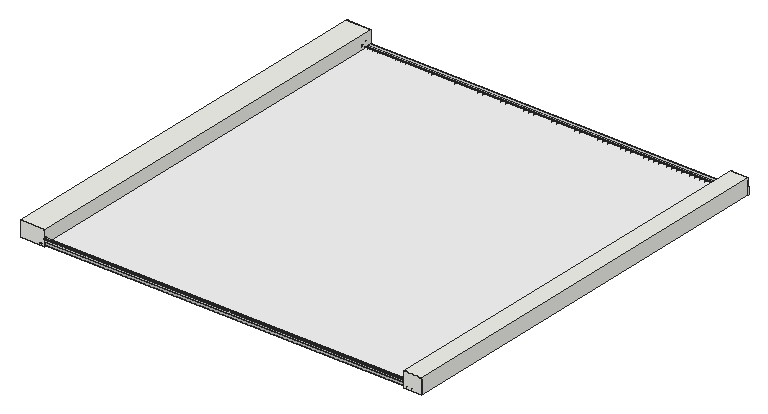
Revit family "DSI-H_3HR_Horizontal_Curtain_Floor", category Specialty Equipment, Revit 2023
Family settings
  Round Connector Dimension = Use Diameter
  Part Type = Normal
  OmniClass Number = 23.30.60.17
  OmniClass Title = Fire and Smoke Shutters and Curtains
  Work Plane-Based = No
  Enable Cutting in Views = No
  Always vertical = Yes
  Cut with Voids When Loaded = No
  Maintain Annotation Orientation = No
  Shared = No
  Room Calculation Point = No
Parameters
  Type Comments = ""
  Specifications = "https://www.arcat.com/company/door-systems-50183/spec"
  Product Information = "https://www.arcat.com/arcatcos/cos50/arc50183.html"
  Manufacturer Address = "1150 S. Las Brisas Placentia, CA 92870"
  Keynote = ""
  Height (TBH) Tail end Box [instance] = 0' - 11 3/4"
  Description = ""
  Default Elevation = 0' - 0"
  Cost = 0
  Copyright = "Arcat, Inc."
  Curtain Width [instance] = 25' - 3"
  URL = "https://www.doorsysinc.com/smoke-and-fire-curtains/"
  Width (TBW) Tail end Box [instance] = 1' - 1 3/4"
  Stainless Steel = Stainless Steel
  Schematic Floor = no
  Power Supply = "SINGLE PHASE, 230V,13A,50Hz"
  Open Fire Curtain = yes
  Motor = "INTERNAL, ELECTRIC, TUBULER GEARED CONSTANT SPEED MOTOR"
  Model = "DSI-H 3HR Horizontal Curtain Floor"
  Manufacturer = "Door Systems"
  Width (HBW) Head Box [instance] = 1' - 6 1/2"
  Height (HBH) Head Box [instance] = 0' - 11 3/4"
  Guide Rail = "2 mm THK GALVANIZED STEEL GUIDE RAIL"
  Galvanized Stell = Galvanized Steel
  End Plate = "3mmTHK GALVANISED STEEL END PLATES AND BRACKETS"
  Curtain Fabric = "MANUFACTURED FROM STAINLESS STEEL, WIRE REINFORCED,\r\nWOVEN GLASS FIBRE, FABRIC COATED ON EACH SIDE\r\nWITH SILVER POLYURETHANE  VWG 690"
  Curtain Box = "1.2mmTHK GALVANISED STEEL"
  Curtain = Curtain
  Curtain Length [instance] = 23' - 0"
  Bottom Bar = "2mm THK  GALVANIZED STEEL  BOTTOM BAR"
  Assembly Code = ""
Reference planes (in)
  plane 1 "Center (Front/Back)": y = 0
  plane 2: z = 0
  plane 3 "Center (Left/Right)": x = 0
  plane 4: y = 48
  plane 5: y = -265.62376
  plane 6: x = -48
  plane 7: x = 260.25
  plane 8: x = -29.5
  plane 9: x = 246.5
  plane 10: y = 43.47244
  plane 11: y = -261.0962
  plane 12: z = 0
  plane 13: z = 11.75
  plane 14: z = 8.30906
  plane 15: x = -34.22047
  plane 16: x = 252.40133
  plane 17: z = 10.90207
  plane 18: y = 47.2126
  plane 19: y = -264.84251
  plane 20: y = -265.57689
  plane 21: y = 47.95312
  plane 22: z = 9.7997
  plane 23: z = 9.75283
  plane 24: x = -32.25591
  plane 25: x = 249.25591
  plane 26: z = 6.95124
  plane 27: z = 1.94882
  plane 28: z = 1.90194
  plane 29: z = 11.75
  plane 30: y = -260.31495
  plane 31: y = 42.68505
Forms (in)
  Extrusion 1, solid, material "Metal, Paint Finish, White, Matte"
    sketch origin (0, 0, 0) x (1, 0, 0) y (0, 0, 1)
      loop
        line (-29.5, 11.75) -> (-48, 11.75) -> (-48, 0) -> (-29.5, 0) -> (-29.5, 11.75)
    from -47.95312 to 265.57689
  Extrusion 2, solid, material "Metal, Paint Finish, White, Matte"
    sketch origin (0, 0, 0) x (1, 0, 0) y (0, 0, 1)
      loop
        line (246.49582, 11.75) -> (246.49582, 0) -> (260.24582, 0) -> (260.24582, 11.75) -> (246.49582, 11.75)
    from -47.95312 to 265.57689
  Extrusion 3, solid, material "Metal, Paint Finish, White, Matte"
    sketch origin (0, -119.95313, 0) x (1, 0, 0) y (0, 0, 1)
      loop
        line (-48, 11.65551) -> (-48, 0) -> (-29.5, 0) -> (-29.5, 11.75) -> (-47.90551, 11.75)
        arc (-47.90551, 11.75) -> (-47.97233, 11.72233) -> (-48, 11.65551) r 0.09449
    from 145.62376 to 145.67064
  Extrusion 4, solid, material "Metal, Paint Finish, White, Matte"
    sketch origin (0, -36, 0) x (1, 0, 0) y (0, 0, 1)
      loop
        line (-48, 11.65551) -> (-48, 0) -> (-29.5, 0) -> (-29.5, 11.75) -> (-47.90551, 11.75)
        arc (-47.90551, 11.75) -> (-47.97233, 11.72233) -> (-48, 11.65551) r 0.09449
    from -84 to -83.95312
  Extrusion 5, solid, material "Metal, Paint Finish, White, Matte"
    sketch origin (0, -35.95313, 0) x (1, 0, 0) y (0, 0, 1)
      loop
        line (246.49582, 0) -> (260.24582, 0) -> (260.24582, 11.65551)
        arc (260.24582, 11.65551) -> (260.21814, 11.72233) -> (260.15133, 11.75) r 0.09449
        line (260.15133, 11.75) -> (246.49582, 11.75) -> (246.49582, 0)
    from 229.62376 to 229.67064
  Extrusion 6, solid, material "Metal, Paint Finish, White, Matte"
    sketch origin (0, 48, 0) x (1, 0, 0) y (0, 0, 1)
      loop
        line (246.49582, 0) -> (260.24582, 0) -> (260.24582, 11.65551)
        arc (260.24582, 11.65551) -> (260.21814, 11.72233) -> (260.15133, 11.75) r 0.09449
        line (260.15133, 11.75) -> (246.49582, 11.75) -> (246.49582, 0)
    from 0 to 0.04688
  Extrusion 7, solid, material "Schematic Floor", visible <- "Schematic Floor"
    sketch origin (0, 0, -5.90551) x (1, 0, 0) y (0, 1, 0)
      loop
        line (-32.25591, -265.57689) -> (249.25591, -265.57689) -> (249.25591, 48) -> (-32.25591, 48) -> (-32.25591, -265.57689)
      loop
        line (284.24582, 72) -> (-72, 72) -> (-72, -289.57689) -> (284.24582, -289.57689) -> (284.24582, 72)
    from 0 to 5.90551
  Extrusion 8, solid, material "Galvanized Steel"
    sketch origin (0, 1.56963, -6.86368) x (0, 1, 0) y (0, 0, 1)
      loop
        line (-261.88458, 8.93061) -> (-261.88458, 9.48179)
        arc (-261.88458, 9.48179) -> (-261.91918, 9.56531) -> (-262.00269, 9.5999) r 0.11811
        line (-262.00269, 9.5999) -> (-266.29403, 9.5999)
        arc (-266.29403, 9.5999) -> (-266.37755, 9.56531) -> (-266.41214, 9.48179) r 0.11811
        line (-266.41214, 9.48179) -> (-266.41214, 7.74951)
        arc (-266.41214, 7.74951) -> (-266.37755, 7.66599) -> (-266.29403, 7.6314) r 0.11811
        line (-266.29403, 7.6314) -> (-262.00269, 7.6314)
        arc (-262.00269, 7.6314) -> (-261.91918, 7.66599) -> (-261.88458, 7.74951) r 0.11811
        line (-261.88458, 7.74951) -> (-261.88458, 8.30069)
        arc (-261.88458, 8.30069) -> (-261.91918, 8.38421) -> (-262.00269, 8.4188) r 0.11811
        line (-262.00269, 8.4188) -> (-263.14443, 8.4188)
        arc (-263.14443, 8.4188) -> (-263.22794, 8.38421) -> (-263.26254, 8.30069) r 0.11811
        line (-263.26254, 8.30069) -> (-263.26254, 7.74951) -> (-263.1838, 7.74951) -> (-263.1838, 8.30069)
        arc (-263.1838, 8.30069) -> (-263.17227, 8.32853) -> (-263.14443, 8.34006) r 0.03937
        line (-263.14443, 8.34006) -> (-262.00269, 8.34006)
        arc (-262.00269, 8.34006) -> (-261.97486, 8.32853) -> (-261.96332, 8.30069) r 0.03937
        line (-261.96332, 8.30069) -> (-261.96332, 7.74951)
        arc (-261.96332, 7.74951) -> (-261.97486, 7.72167) -> (-262.00269, 7.71014) r 0.03937
        line (-262.00269, 7.71014) -> (-266.29403, 7.71014)
        arc (-266.29403, 7.71014) -> (-266.32187, 7.72167) -> (-266.3334, 7.74951) r 0.03937
        line (-266.3334, 7.74951) -> (-266.3334, 9.48179)
        arc (-266.3334, 9.48179) -> (-266.32187, 9.50963) -> (-266.29403, 9.52116) r 0.03937
        line (-266.29403, 9.52116) -> (-262.00269, 9.52116)
        arc (-262.00269, 9.52116) -> (-261.97486, 9.50963) -> (-261.96332, 9.48179) r 0.03937
        line (-261.96332, 9.48179) -> (-261.96332, 8.93061)
        arc (-261.96332, 8.93061) -> (-261.97486, 8.90277) -> (-262.00269, 8.89124) r 0.03937
        line (-262.00269, 8.89124) -> (-263.14443, 8.89124)
        arc (-263.14443, 8.89124) -> (-263.17227, 8.90277) -> (-263.1838, 8.93061) r 0.03937
        line (-263.1838, 8.93061) -> (-263.1838, 9.49557) -> (-263.26254, 9.49557) -> (-263.26254, 8.93061)
        arc (-263.26254, 8.93061) -> (-263.22794, 8.84709) -> (-263.14443, 8.8125) r 0.11811
        line (-263.14443, 8.8125) -> (-262.00269, 8.8125)
        arc (-262.00269, 8.8125) -> (-261.91918, 8.84709) -> (-261.88458, 8.93061) r 0.11811
    from -34.22047 to 252.40133
  Extrusion 9, solid, material "Galvanized Steel"
    sketch origin (0, 0, -8.22835) x (0, 1, 0) y (0, 0, 1)
      loop
        line (44.063, 10.86024) -> (43.98426, 10.86024) -> (43.98426, 10.29528)
        arc (43.98426, 10.29528) -> (43.97273, 10.26744) -> (43.94489, 10.25591) r 0.03937
        line (43.94489, 10.25591) -> (42.80316, 10.25591)
        arc (42.80316, 10.25591) -> (42.77532, 10.26744) -> (42.76379, 10.29528) r 0.03937
        line (42.76379, 10.29528) -> (42.76379, 10.84646)
        arc (42.76379, 10.84646) -> (42.77532, 10.8743) -> (42.80316, 10.88583) r 0.03937
        line (42.80316, 10.88583) -> (47.09449, 10.88583)
        arc (47.09449, 10.88583) -> (47.12233, 10.8743) -> (47.13386, 10.84646) r 0.03937
        line (47.13386, 10.84646) -> (47.13386, 9.11417)
        arc (47.13386, 9.11417) -> (47.12233, 9.08633) -> (47.09449, 9.0748) r 0.03937
        line (47.09449, 9.0748) -> (42.80316, 9.0748)
        arc (42.80316, 9.0748) -> (42.77532, 9.08633) -> (42.76379, 9.11417) r 0.03937
        line (42.76379, 9.11417) -> (42.76379, 9.66535)
        arc (42.76379, 9.66535) -> (42.77532, 9.69319) -> (42.80316, 9.70472) r 0.03937
        line (42.80316, 9.70472) -> (43.94489, 9.70472)
        arc (43.94489, 9.70472) -> (43.97273, 9.69319) -> (43.98426, 9.66535) r 0.03937
        line (43.98426, 9.66535) -> (43.98426, 9.11417) -> (44.063, 9.11417) -> (44.063, 9.66535)
        arc (44.063, 9.66535) -> (44.0284, 9.74887) -> (43.94489, 9.78346) r 0.11811
        line (43.94489, 9.78346) -> (42.80316, 9.78346)
        arc (42.80316, 9.78346) -> (42.71964, 9.74887) -> (42.68505, 9.66535) r 0.11811
        line (42.68505, 9.66535) -> (42.68505, 9.11417)
        arc (42.68505, 9.11417) -> (42.71964, 9.03066) -> (42.80316, 8.99606) r 0.11811
        line (42.80316, 8.99606) -> (47.09449, 8.99606)
        arc (47.09449, 8.99606) -> (47.17801, 9.03066) -> (47.2126, 9.11417) r 0.11811
        line (47.2126, 9.11417) -> (47.2126, 10.84646)
        arc (47.2126, 10.84646) -> (47.17801, 10.92997) -> (47.09449, 10.96457) r 0.11811
        line (47.09449, 10.96457) -> (42.80316, 10.96457)
        arc (42.80316, 10.96457) -> (42.71964, 10.92997) -> (42.68505, 10.84646) r 0.11811
        line (42.68505, 10.84646) -> (42.68505, 10.29528)
        arc (42.68505, 10.29528) -> (42.71964, 10.21176) -> (42.80316, 10.17717) r 0.11811
        line (42.80316, 10.17717) -> (43.94489, 10.17717)
        arc (43.94489, 10.17717) -> (44.0284, 10.21176) -> (44.063, 10.29528) r 0.11811
        line (44.063, 10.29528) -> (44.063, 10.86024)
    from -34.22047 to 252.40133
  Extrusion 10, solid, material "Curtain", visible <- "Open Fire Curtain"
    sketch origin (0, 0, 1.90194) x (1, 0, 0) y (0, 1, 0)
      loop
        line (-34.22047, -261.0962) -> (252.40133, -261.0962) -> (252.40133, 43.47244) -> (-34.22047, 43.47244) -> (-34.22047, -261.0962)
    from 0 to 0.04688
Lines and regions (in)
  symbolic lines
    curve 1: circle (-44.44391, 0, 4.45016) r 1.91535 normal (0, -1, 0)
    curve 2: circle (-44.44391, 0, 4.45016) r 1.50591 normal (0, -1, 0)
    curve 3: circle (-44.44391, 0, 4.45016) r 1.37795 normal (0, -1, 0)
    curve 4: line (-44.44918, 0, 6.77951) -> (-44.43864, 0, 2.12081)
    curve 5: line (-46.77326, 0, 4.44489) -> (-42.11456, 0, 4.45543)
    curve 6: line (-42.11456, 0, 4.45543) -> (-33.08897, 0, 4.47584)
    curve 7: line (-37.5648, 0, 8.93148) -> (-37.54461, 0, 0)
    curve 8: arc (-37.55921, 0, 6.45983) -> (-38.96793, 0, 5.87259) -> (-39.54879, 0, 4.46123) r 1.99409
    curve 9: circle (-37.5547, 0, 4.46574) r 3.54331 normal (0, -1, 0)
    curve 10: line (-44.31602, 0, 6.36124) -> (-37.45896, 0, 5.90235)
    curve 11: line (-37.55145, 0, 3.02594) -> (-44.30641, 0, 2.53975)
    curve 12: circle (-37.5547, 0, 4.46574) r 1.43976 normal (0, -1, 0)
    curve 13: circle (-37.5547, 0, 4.46574) r 1.85236 normal (0, -1, 0)
    curve 14: circle (-37.5547, 0, 4.46574) r 1.99409 normal (0, -1, 0)
    curve 41: line (-34.10601, 0, 0.92244) -> (-37.56272, 0, 0.92244)
    curve 43: circle (252.40133, 0, 6.88976) r 1.43976 normal (0, -1, 0)
    curve 44: line (257.13479, 0, 8.79589) -> (252.26219, 0, 8.32279)
    curve 45: line (252.40133, 0, 8.68158) -> (252.40133, 0, 5.09795)
    curve 46: line (250.60952, 0, 6.88976) -> (254.19314, 0, 6.88976)
    curve 47: circle (252.40363, 0, 6.88976) r 0.83465 normal (0, -1, 0)
    curve 48: circle (252.40363, 0, 6.88976) r 0.71654 normal (0, -1, 0)
    curve 49: line (254.84162, 0, 6.88976) -> (259.80356, 0, 6.88976)
    curve 50: circle (257.32259, 0, 6.88976) r 1.91535 normal (0, -1, 0)
    curve 51: circle (257.32259, 0, 6.88976) r 1.50591 normal (0, -1, 0)
    curve 52: circle (257.32259, 0, 6.88976) r 1.37795 normal (0, -1, 0)
    curve 53: line (252.42006, 0, 5.45012) -> (257.134, 0, 4.98372)
    curve 54: line (257.32259, 0, 9.37074) -> (257.32259, 0, 4.40879)
  symbolic lines, not visible
    curve 15: circle (-44.45615, 0, 6.29921) r 1.91535 normal (0, -1, 0)
    curve 16: circle (-44.45615, 0, 6.29921) r 1.50591 normal (0, -1, 0)
    curve 17: circle (-44.45615, 0, 6.29921) r 1.37795 normal (0, -1, 0)
    curve 18: line (-44.45615, 0, 8.62857) -> (-44.45615, 0, 3.96985)
    curve 19: line (-46.78551, 0, 6.29921) -> (-42.12679, 0, 6.29921)
    curve 20: line (-42.12679, 0, 6.29921) -> (-33.10118, 0, 6.29921)
    curve 21: line (-37.56693, 0, 10.76496) -> (-37.56693, 0, 1.83346)
    curve 22: arc (-37.56693, 0, 8.29331) -> (-38.97697, 0, 7.70925) -> (-39.56102, 0, 6.29921) r 1.99409
    curve 23: circle (-37.56693, 0, 6.29921) r 3.54331 normal (0, -1, 0)
    curve 24: line (-44.32394, 0, 8.21) -> (-37.46794, 0, 7.73561)
    curve 25: line (-37.56693, 0, 4.85941) -> (-44.32297, 0, 4.38849)
    curve 26: circle (-37.56693, 0, 6.29921) r 1.43976 normal (0, -1, 0)
    curve 27: circle (-37.56693, 0, 6.29921) r 1.85236 normal (0, -1, 0)
    curve 28: circle (-37.56693, 0, 6.29921) r 1.99409 normal (0, -1, 0)
    curve 29: circle (126.25984, 0, 4.92126) r 1.43976 normal (0, -1, 0)
    curve 30: line (130.9933, 0, 6.82739) -> (126.1207, 0, 6.35428)
    curve 31: line (126.25984, 0, 6.71307) -> (126.25984, 0, 3.12945)
    curve 32: line (124.46803, 0, 4.92126) -> (128.05166, 0, 4.92126)
    curve 33: circle (126.26214, 0, 4.92126) r 0.83465 normal (0, -1, 0)
    curve 34: circle (126.26214, 0, 4.92126) r 0.71654 normal (0, -1, 0)
    curve 35: line (128.70013, 0, 4.92126) -> (133.66207, 0, 4.92126)
    curve 36: circle (131.1811, 0, 4.92126) r 1.91535 normal (0, -1, 0)
    curve 37: circle (131.1811, 0, 4.92126) r 1.50591 normal (0, -1, 0)
    curve 38: circle (131.1811, 0, 4.92126) r 1.37795 normal (0, -1, 0)
    curve 39: line (126.27857, 0, 3.48162) -> (130.99251, 0, 3.01521)
    curve 40: line (131.1811, 0, 7.40223) -> (131.1811, 0, 2.44029)
    curve 42: line (-34.12626, 0, 2.74813) -> (-37.58295, 0, 2.75594)
    curve 55: circle (-44.44391, 0, 4.45016) r 1.91535 normal (0, -1, 0)
    curve 56: circle (-44.44391, 0, 4.45016) r 1.50591 normal (0, -1, 0)
    curve 57: circle (-44.44391, 0, 4.45016) r 1.37795 normal (0, -1, 0)
    curve 58: line (-44.44918, 0, 6.77951) -> (-44.43864, 0, 2.12081)
    curve 59: line (-46.77326, 0, 4.44489) -> (-42.11456, 0, 4.45543)
    curve 60: line (-42.11456, 0, 4.45543) -> (-33.08897, 0, 4.47584)
    curve 61: line (-37.5648, 0, 8.93148) -> (-37.54461, 0, 0)
    curve 62: arc (-37.55921, 0, 6.45983) -> (-38.96793, 0, 5.87259) -> (-39.54879, 0, 4.46123) r 1.99409
    curve 63: circle (-37.5547, 0, 4.46574) r 3.54331 normal (0, -1, 0)
    curve 64: line (-44.31602, 0, 6.36124) -> (-37.45896, 0, 5.90235)
    curve 65: line (-37.55145, 0, 3.02594) -> (-44.30641, 0, 2.53975)
    curve 66: circle (-37.5547, 0, 4.46574) r 1.43976 normal (0, -1, 0)
    curve 67: circle (-37.5547, 0, 4.46574) r 1.85236 normal (0, -1, 0)
    curve 68: circle (-37.5547, 0, 4.46574) r 1.99409 normal (0, -1, 0)
    curve 69: line (-34.10601, 0, 0.92244) -> (-37.56272, 0, 0.92244)
Dimensions and locks (in)
  "Width (HBW) Head Box": plane 6 to plane 8
  "Width (TBW) Tail end Box": plane 9 to plane 7
  plane 6 to plane 7 = 25' - 8 1/4"
  "Curtain Length": plane 8 to plane 9
  plane 4 to plane 5 = 26' - 1.62376"
  locked: plane 11 to plane 5 at 4.52756
  locked: plane 4 to plane 10 at 4.52756
  "Height (HBH) Head Box": plane 13 to plane 12
  locked: plane 13 to plane 14 at 3.44094
  locked: plane 9 to plane 16 at 5.90133
  locked: plane 13 to plane 17 at 0.84793
  locked: plane 4 to plane 18 at 0.7874
  locked: plane 19 to plane 5 at 0.78125
  locked: plane 20 to plane 5 at 0.04687
  locked: plane 4 to plane 21 at 0.04688
  plane 13 to plane 22 to plane 23 = 0' - 1.9503" locked, 0' - 0 3/64" locked
  locked: plane 24 to plane 8 at 2.75591
  locked: plane 9 to plane 25 at 2.75591
  locked: plane 26 to plane 12 at 6.95124
  locked: plane 27 to plane 12 at 1.94882
  locked: plane 27 to plane 28 at 0.04688
  plane 27 to plane 12 = 0' - 1.94882"
  "Height (TBH) Tail end Box": plane 29 to plane 12
  locked: plane 4 to plane 31 at 5.31495
  "Curtain Width": plane 31 to plane 30
  locked: plane 20 to plane 30 at 5.26193
  aligned and locked: plane 2 to level
  aligned and locked: plane 13 to Extrusion 1 sketch curve
  aligned and locked: Extrusion 1 sketch curve to plane 12
  aligned and locked: plane 6 to Extrusion 1
  aligned and locked: plane 12 to Extrusion 2
  aligned and locked: Extrusion 3 to plane 5
  aligned and locked: Extrusion 3 to plane 20
  aligned and locked: plane 20 to Extrusion 1
  aligned and locked: Extrusion 4 to plane 21
  aligned and locked: plane 4 to Extrusion 4
  aligned and locked: plane 21 to Extrusion 1
  aligned and locked: plane 5 to Extrusion 5
  aligned and locked: Extrusion 5 to plane 20
  aligned and locked: Extrusion 6 to plane 4
  aligned and locked: plane 21 to Extrusion 6
  aligned and locked: plane 20 to Extrusion 2
  aligned and locked: Extrusion 2 to plane 21
  aligned and locked: plane 13 to Extrusion 3
  aligned and locked: Extrusion 8 to plane 27
  aligned and locked: Extrusion 9 to plane 27
  aligned and locked: Extrusion 10 to plane 28
  aligned and locked: Extrusion 10 to plane 27
  aligned and locked: Extrusion 9 to plane 16
  aligned and locked: Extrusion 8 to plane 16
  aligned and locked: plane 8 to Extrusion 1 sketch curve
  aligned and locked: Extrusion 5 sketch curve to plane 29
  aligned and locked: Extrusion 6 sketch curve to plane 29
  aligned and locked: plane 29 to Extrusion 2 sketch curve
  aligned and locked: plane 30 to Extrusion 8
  aligned and locked: plane 31 to Extrusion 9
  aligned and locked: plane 16 to curve 45
Automatic sketch dimensions
  curve 1 to curve 2 = 0' - 0"  (x2)
  curve 1 to curve 3 = 0' - 0"  (x2)
  curve 2 to curve 3 = 0' - 0"  (x2)
  curve 8 to curve 9 = 0' - 0"  (x2)
  curve 8 to curve 12 = 0' - 0"  (x2)
  curve 8 to curve 13 = 0' - 0"  (x2)
  curve 8 to curve 14 = 0' - 0"  (x2)
  curve 9 to curve 12 = 0' - 0"  (x2)
  curve 9 to curve 13 = 0' - 0"  (x2)
  curve 9 to curve 14 = 0' - 0"  (x2)
  curve 12 to curve 13 = 0' - 0"  (x2)
  curve 12 to curve 14 = 0' - 0"  (x2)
  curve 13 to curve 14 = 0' - 0"  (x2)
  curve 1 to curve 6 = 0' - 2.32936"
  curve 5 to curve 8 = 0' - 4.55986"
  curve 3 to curve 5 = 0' - 0"
  curve 5 to curve 2 = 0' - 2.32936"
  curve 4 to curve 1 = 0' - 0"
  curve 4 to curve 10 = 0' - 0.13221"
  curve 4 to curve 11 = 0' - 0.13318"
  curve 8 to curve 8 = 0' - 1.99409"
  curve 41 to curve 7 = 0' - 0.01602"
  curve 8 to curve 10 = 0' - 0.09899"
  curve 41 to curve 41 = 0' - 3.45669"
  curve 41 to curve 6 = 0' - 1.02508"
  curve 11 to curve 9 = 0' - 1.4398"
  curve 11 to curve 2 = 0' - 1.91072"
  curve 4 to curve 11 = 0' - 0.41864"
  curve 41 to curve 11 = 0' - 2.10347"
  curve 41 to curve 41 = 0' - 0 1/128"
  curve 7 to curve 41 = 0' - 0.92248"
  curve 10 to curve 8 = 0' - 0.5577"
  curve 10 to curve 4 = 0' - 0.41857"
  curve 8 to curve 7 = 0' - 2.47166"
  curve 15 to curve 16 = 0' - 0"  (x2)
  curve 15 to curve 17 = 0' - 0"  (x2)
  curve 16 to curve 17 = 0' - 0"  (x2)
  curve 22 to curve 23 = 0' - 0"  (x2)
  curve 22 to curve 26 = 0' - 0"  (x2)
  curve 22 to curve 27 = 0' - 0"  (x2)
  curve 22 to curve 28 = 0' - 0"  (x2)
  curve 23 to curve 26 = 0' - 0"  (x2)
  curve 23 to curve 27 = 0' - 0"  (x2)
  curve 23 to curve 28 = 0' - 0"  (x2)
  curve 26 to curve 27 = 0' - 0"  (x2)
  curve 26 to curve 28 = 0' - 0"  (x2)
  curve 27 to curve 28 = 0' - 0"  (x2)
  curve 15 to curve 20 = 0' - 2.32936"
  curve 19 to curve 22 = 0' - 4.55986"
  curve 17 to curve 19 = 0' - 0"
  curve 19 to curve 16 = 0' - 2.32936"
  curve 18 to curve 15 = 0' - 0"
  curve 18 to curve 24 = 0' - 0.13221"
  curve 18 to curve 25 = 0' - 0.13318"
  curve 22 to curve 22 = 0' - 1.99409"
  curve 42 to curve 21 = 0' - 0.01602"
  curve 22 to curve 24 = 0' - 0.09899"
  curve 42 to curve 42 = 0' - 3.45669"
  curve 42 to curve 20 = 0' - 1.02508"
  curve 25 to curve 23 = 0' - 1.4398"
  curve 25 to curve 16 = 0' - 1.91072"
  curve 18 to curve 25 = 0' - 0.41864"
  curve 42 to curve 25 = 0' - 2.10347"
  curve 42 to curve 42 = 0' - 0 1/128"
  curve 21 to curve 42 = 0' - 0.92248"
  curve 24 to curve 22 = 0' - 0.5577"
  curve 24 to curve 18 = 0' - 0.41857"
  curve 22 to curve 21 = 0' - 2.47166"
  Extrusion 2 sketch curve to level = 0' - 0"
  plane 7 to Extrusion 2 sketch curve = 0' - 0.00418"
  plane 6 to Extrusion 3 sketch curve = 0' - 0"
  Extrusion 3 sketch curve to plane 13 = 0' - 0"
  plane 8 to Extrusion 3 sketch curve = 0' - 0"
  Extrusion 3 sketch curve to level = 0' - 0"
  Extrusion 3 sketch curve to plane 6 = 0' - 0.09449"
  plane 6 to Extrusion 4 sketch curve = 0' - 0"
  Extrusion 4 sketch curve to plane 13 = 0' - 0"
  plane 8 to Extrusion 4 sketch curve = 0' - 0"
  Extrusion 4 sketch curve to level = 0' - 0"
  Extrusion 4 sketch curve to plane 6 = 0' - 0.09449"
  Extrusion 5 sketch curve to level = 0' - 0"
  plane 9 to Extrusion 5 sketch curve = 0' - 0.00418"
  plane 7 to Extrusion 5 sketch curve = 0' - 0.09867"
  plane 7 to Extrusion 5 sketch curve = 0' - 0.00418"
  Extrusion 6 sketch curve to level = 0' - 0"
  plane 9 to Extrusion 6 sketch curve = 0' - 0.00418"
  plane 7 to Extrusion 6 sketch curve = 0' - 0.09867"
  plane 7 to Extrusion 6 sketch curve = 0' - 0.00418"
  plane 20 to Extrusion 7 sketch curve = 0' - 0"
  Extrusion 7 sketch curve to plane 24 = 0' - 0"
  Extrusion 7 sketch curve to plane 25 = 0' - 0"
  Extrusion 7 sketch curve to plane 4 = 0' - 0"
  plane 6 to Extrusion 7 sketch curve = 2' - 0"
  Extrusion 7 sketch curve to plane 7 = 1' - 11.99582"
  Extrusion 7 sketch curve to plane 5 = 1' - 11 61/64"
  plane 4 to Extrusion 7 sketch curve = 2' - 0"
  Extrusion 8 sketch curve to Extrusion 8 sketch curve = 0' - 0"  (x17)
  Extrusion 8 sketch curve to plane 19 = 0' - 0"
  Extrusion 8 sketch curve to plane 27 = 0' - 0"
  Extrusion 8 sketch curve to Extrusion 8 sketch curve = 0' - 0.07874"
  Extrusion 8 sketch curve to Extrusion 8 sketch curve = 0' - 0.03937"  (x6)
  Extrusion 8 sketch curve to plane 11 = 0' - 0.5967"  (x2)
  plane 11 to Extrusion 8 sketch curve = 0' - 0.66314"  (x2)
  plane 27 to Extrusion 8 sketch curve = 0' - 0.11811"
  Extrusion 8 sketch curve to plane 28 = 0' - 0.34683"
  Extrusion 8 sketch curve to Extrusion 8 sketch curve = 0' - 0.55118"  (x3)
  Extrusion 8 sketch curve to Extrusion 8 sketch curve = 0' - 0.56496"
  Extrusion 9 sketch curve to Extrusion 9 sketch curve = 0' - 0"  (x18)
  Extrusion 9 sketch curve to plane 27 = 0' - 0"
  Extrusion 9 sketch curve to plane 18 = 0' - 0"
  Extrusion 9 sketch curve to Extrusion 9 sketch curve = 0' - 0.07874"
  Extrusion 9 sketch curve to Extrusion 9 sketch curve = 0' - 0.03937"  (x5)
  plane 10 to Extrusion 9 sketch curve = 0' - 0.59056"  (x2)
  Extrusion 9 sketch curve to plane 10 = 0' - 0.66929"  (x2)
  plane 27 to Extrusion 9 sketch curve = 0' - 0.11811"
  Extrusion 9 sketch curve to plane 28 = 0' - 0.34683"
  level to Extrusion 9 sketch curve = 0' - 0.88583"
  Extrusion 9 sketch curve to Extrusion 9 sketch curve = 0' - 0.55118"  (x2)
  Extrusion 9 sketch curve to Extrusion 9 sketch curve = 0' - 0.56496"
  Extrusion 10 sketch curve to plane 10 = 0' - 0"
  Extrusion 10 sketch curve to plane 15 = 0' - 0"
  Extrusion 10 sketch curve to plane 16 = 0' - 0"
  Extrusion 10 sketch curve to plane 11 = 0' - 0"
  plane 6 to Extrusion 1 sketch curve = 0' - 0"
  plane 9 to Extrusion 2 sketch curve = 0' - 0.00418"
  curve 55 to curve 56 = 0' - 0"  (x2)
  curve 55 to curve 57 = 0' - 0"  (x2)
  curve 56 to curve 57 = 0' - 0"  (x2)
  curve 62 to curve 63 = 0' - 0"  (x2)
  curve 62 to curve 66 = 0' - 0"  (x2)
  curve 62 to curve 67 = 0' - 0"  (x2)
  curve 62 to curve 68 = 0' - 0"  (x2)
  curve 63 to curve 66 = 0' - 0"  (x2)
  curve 63 to curve 67 = 0' - 0"  (x2)
  curve 63 to curve 68 = 0' - 0"  (x2)
  curve 66 to curve 67 = 0' - 0"  (x2)
  curve 66 to curve 68 = 0' - 0"  (x2)
  curve 67 to curve 68 = 0' - 0"  (x2)
  curve 55 to curve 60 = 0' - 2.32936"
  curve 59 to curve 62 = 0' - 4.55986"
  curve 57 to curve 59 = 0' - 0"
  curve 59 to curve 56 = 0' - 2.32936"
  curve 58 to curve 55 = 0' - 0"
  curve 58 to curve 64 = 0' - 0.13221"
  curve 58 to curve 65 = 0' - 0.13318"
  curve 62 to curve 62 = 0' - 1.99409"
  curve 69 to curve 61 = 0' - 0.01602"
  curve 62 to curve 64 = 0' - 0.09899"
  curve 69 to curve 69 = 0' - 3.45669"
  curve 69 to curve 60 = 0' - 1.02508"
  curve 65 to curve 63 = 0' - 1.4398"
  curve 65 to curve 56 = 0' - 1.91072"
  curve 58 to curve 65 = 0' - 0.41864"
  curve 69 to curve 65 = 0' - 2.10347"
  curve 69 to curve 69 = 0' - 0 1/128"
  curve 61 to curve 69 = 0' - 0.92248"
  curve 64 to curve 62 = 0' - 0.5577"
  curve 64 to curve 58 = 0' - 0.41857"
  curve 62 to curve 61 = 0' - 2.47166"
  radius of curve 2 = 0' - 1.50591"
  radius of curve 3 = 0' - 1.37795"
  radius of curve 12 = 0' - 1.43976"
  radius of curve 13 = 0' - 1.85236"
  radius of curve 14 = 0' - 1.99409"
  radius of curve 16 = 0' - 1.50591"
  radius of curve 17 = 0' - 1.37795"
  radius of curve 26 = 0' - 1.43976"
  radius of curve 27 = 0' - 1.85236"
  radius of curve 28 = 0' - 1.99409"
  radius of curve 56 = 0' - 1.50591"
  radius of curve 57 = 0' - 1.37795"
  radius of curve 66 = 0' - 1.43976"
  radius of curve 67 = 0' - 1.85236"
  radius of curve 68 = 0' - 1.99409"
